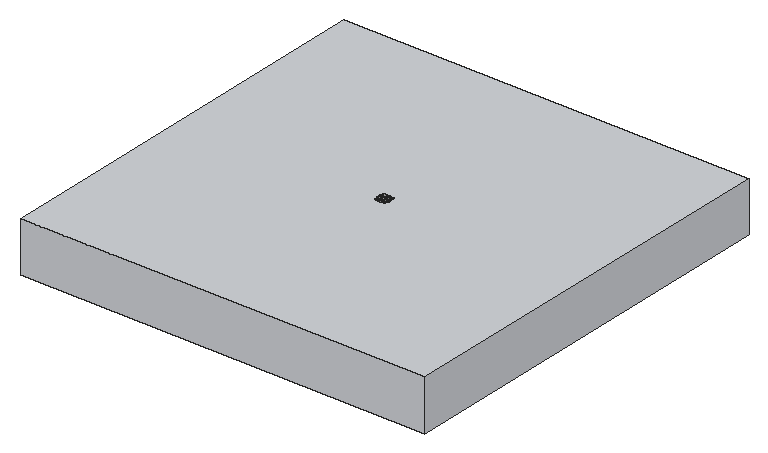
Revit family "2CKA000230A0411", category Elektroinstallationen, Revit 2017
Family settings
  Basisbauteil = Fläche
  Beschriftungsausrichtung beibehalten = Nein
  Bemaßung runder Anschluss = Durchmesser verwenden
  Teiletyp = Normal
  Beim Laden mit Abzugskörper schneiden = Nein
  Gemeinsam genutzt = Nein
  Raumberechnungspunkt = Nein
Parameters
  White = White
  Default Elevation = 1219.2 mm
  Unterputz = yes
  URL = "https://www.busch-jaeger.de/"
  Typname = "UAE-Anschlussdose, RJ45, Cat. 6a iso, geschirmt, UP-Montagedosen und -Einsätze, Einsätze für Datenkommunikation"
  TYPE = "0218/12-101"
  Steckverbindertyp = "RJ45 8(8)"
  Separater Erdungsanschluss = yes
  Separate Kabelzugentlastung = yes
  Schutzart (IP) = "IP20"
  RAL-Nummer (ähnlich) = 9010
  Montageart Schirmanschluss = "Schraube"
  Kategorie = "6A (IEC)"
  Kanaleinbau = yes
  Ist Zubehör = no
  Ist System = no
  Hersteller = "Busch-Jaeger"
  HeinzeBIM = "https://www.heinze.de/bim/uae-anschlussdose-rj45-cat-6a-iso-geschirmt-up-montagedosen-und-einsaetze-einsaetze-fuer-datenkommunikation/41f529de7edb1520624726aed988ee83d9b20691"
  HAN = "2CKA000230A0411"
  Gehäuse geschirmt = yes
  Geeignet für Anzahl Buchsen/Kupplungen = 2
  GTIN = "4011395163870"
  Farbe = "weiß"
  Designfähig = yes
  Datenblatt 3 = "https://media.live.bim.site/t/eyJhbGciOiJIUzI1NiIsInR5cCI6IkpXVCJ9.eyJjdCI6MSwidGYiOiJwdWJsaWMvYnVzY2gtamFlZ2VyLzVkMjZhNGYvMkNLQTAwMDIzMEEwNDExX1JPSFNfMjAxOV8xMF8wNy5wZGYiLCJjaWQiOiJmZWQ5OGU5YS0xYmQ4LTRjNjgtYTczYi03NGE5NGUzMTU4MjMiLCJyaWQiOiJiNWI5ZTQ5NDQ5YzIzY2ZiMWViMTM1Yzg0NjI5YTc4NyIsInBpZCI6IjQxZjUyOWRlN2VkYjE1MjA2MjQ3MjZhZWQ5ODhlZTgzZDliMjA2OTEiLCJzaWQiOiI2MzczMiIsInV0IjoxLCJsYyI6ImRlIiwiaWF0IjoxNTg0MDEwMDg1LCJpc3MiOiJodHRwczovL2FwaS5saXZlLmJpbS5zaXRlIiwic3ViIjoiZjU4NmM0YjYtYTUwOC00MjdhLTk4MTgtMTMxNzk2NjU3NmJjIn0.-wiBlOaNGDS6Q8ZgnHjx-AEpVIE4B5gqy1F21kAGnZA/2CKA000230A0411_ROHS_2019_10_07.pdf"
  Datenblatt 2 = "https://media.live.bim.site/t/eyJhbGciOiJIUzI1NiIsInR5cCI6IkpXVCJ9.eyJjdCI6MSwidGYiOiJwdWJsaWMvYnVzY2gtamFlZ2VyLzVkMjZhNGYvMDI2MS0xNy0xOF9VQUUtQW5zY2hsdXNzZG9zZV9CQSBCSkVfRGluQTQtT25saW5lX2dlci5wZGYiLCJjaWQiOiJmZWQ5OGU5YS0xYmQ4LTRjNjgtYTczYi03NGE5NGUzMTU4MjMiLCJyaWQiOiJiNWI5ZTQ5NDQ5YzIzY2ZiMWViMTM1Yzg0NjI5YTc4NyIsInBpZCI6IjQxZjUyOWRlN2VkYjE1MjA2MjQ3MjZhZWQ5ODhlZTgzZDliMjA2OTEiLCJzaWQiOiI2MzczMiIsInV0IjoxLCJsYyI6ImRlIiwiaWF0IjoxNTg0MDEwMDg1LCJpc3MiOiJodHRwczovL2FwaS5saXZlLmJpbS5zaXRlIiwic3ViIjoiZjU4NmM0YjYtYTUwOC00MjdhLTk4MTgtMTMxNzk2NjU3NmJjIn0.vFFB7a983RtkyGZuVR7Hh1_RJDx2RV0gQiliQ3MAy7s/0261-17-18_UAE-Anschlussdose_BA BJE_DinA4-Online_ger.pdf"
  Datenblatt 1 = "https://media.live.bim.site/t/eyJhbGciOiJIUzI1NiIsInR5cCI6IkpXVCJ9.eyJjdCI6MSwidGYiOiJwdWJsaWMvYnVzY2gtamFlZ2VyLzVkMjZhNGYvMDI2MS0xNy0xOF9VQUUtQW5zY2hsdXNzZG9zZV9CQSBCSkVfRGluQTQtT25saW5lX2VuZy5wZGYiLCJjaWQiOiJmZWQ5OGU5YS0xYmQ4LTRjNjgtYTczYi03NGE5NGUzMTU4MjMiLCJyaWQiOiJiNWI5ZTQ5NDQ5YzIzY2ZiMWViMTM1Yzg0NjI5YTc4NyIsInBpZCI6IjQxZjUyOWRlN2VkYjE1MjA2MjQ3MjZhZWQ5ODhlZTgzZDliMjA2OTEiLCJzaWQiOiI2MzczMiIsInV0IjoxLCJsYyI6ImRlIiwiaWF0IjoxNTg0MDEwMDg1LCJpc3MiOiJodHRwczovL2FwaS5saXZlLmJpbS5zaXRlIiwic3ViIjoiZjU4NmM0YjYtYTUwOC00MjdhLTk4MTgtMTMxNzk2NjU3NmJjIn0.XQWzUedXNVBFGaOq_DwtLdZbvaMYaRHe8Ph1Wxm4m5Q/0261-17-18_UAE-Anschlussdose_BA BJE_DinA4-Online_eng.pdf"
  Datenblatt = "https://media.live.bim.site/t/eyJhbGciOiJIUzI1NiIsInR5cCI6IkpXVCJ9.eyJjdCI6MSwidGYiOiJwdWJsaWMvYnVzY2gtamFlZ2VyLzVkMjZhNGYvMDI2MS0xNy0xOF9VQUUtQW5zY2hsdXNzZG9zZV9CQSBCSkVfRGluQTQtT25saW5lX2R1dC5wZGYiLCJjaWQiOiJmZWQ5OGU5YS0xYmQ4LTRjNjgtYTczYi03NGE5NGUzMTU4MjMiLCJyaWQiOiJiNWI5ZTQ5NDQ5YzIzY2ZiMWViMTM1Yzg0NjI5YTc4NyIsInBpZCI6IjQxZjUyOWRlN2VkYjE1MjA2MjQ3MjZhZWQ5ODhlZTgzZDliMjA2OTEiLCJzaWQiOiI2MzczMiIsInV0IjoxLCJsYyI6ImRlIiwiaWF0IjoxNTg0MDEwMDg1LCJpc3MiOiJodHRwczovL2FwaS5saXZlLmJpbS5zaXRlIiwic3ViIjoiZjU4NmM0YjYtYTUwOC00MjdhLTk4MTgtMTMxNzk2NjU3NmJjIn0.OTlYJZPtMnzAnWn8KKdr5vr5PAwj6bVKXRrO29JJJNc/0261-17-18_UAE-Anschlussdose_BA BJE_DinA4-Online_dut.pdf"
  Buchsen geschirmt = yes
  Bodentank/Unterflurmontage = yes
  Beschreibung = "UAE-Anschlussdose, RJ45, Cat. 6a iso, geschirmt, UP-Montagedosen und -Einsätze, Einsätze für Datenkommunikation, UAE-Anschlussdose, RJ45, Cat. 6a iso, geschirmt 2 Steckbuchsen, 8/8-polig Mit Schrägauslass und LSA-Schneidklemmen. RJ-45-Anschlüsse für Netzwerke nach Cat. 6A, Class EA (10 Gbit/s / 500 MHz). Entspricht Cat. 6A, Class EA gem. ISO/IEC 11801:2011-06. Anschlusskennzeichnung A und B gemäß TIA/EIA-568-B.2. Bauart nach EN 60 603-7-51:2011-01. Abschirmung nach DIN EN 55022, Klasse B. Bis 500 MHz auf allen Aderpaaren. Geeignet für 10-Gigabit Ethernet. Geeignet für PoE+ gemäß IEEE 802.3at, ? 1000 Steckzyklen. Flexible Kabelzuführung ohne Knicke von allen Seiten. Gehäuse-Erdung mittels 6,3 mm-Flachsteckverbinder rückseitig möglich. Re-embedded getestet. Geeiget für Mix-and-Match-Einsatz. Geeignet für RJ 11, RJ 12 und RJ 45 Stecker. Für Datenkabel mit einem Durchmesser von 6-10 mm. Für Montage in Kabelkanälen, UP-Gerätedosen und Unterflursystemen. Für Adern von AWG 24-22. Ohne Spreize. Einbautiefe 31 mm."
  Befestigungsart = "schrauben"
  BIMSITE_PRODUCT_ID = "41f529de7edb1520624726aed988ee83d9b20691"
  BIM = "https://media.live.bim.site/t/eyJhbGciOiJIUzI1NiIsInR5cCI6IkpXVCJ9.eyJjdCI6MSwidGYiOiJwdWJsaWMvYnVzY2gtamFlZ2VyLzVkMjZhNGYvMkNLQTAwMDIzMEEwNDExX251cl9HZW9tZXRyaWUucmZhIiwiY2lkIjoiZmVkOThlOWEtMWJkOC00YzY4LWE3M2ItNzRhOTRlMzE1ODIzIiwicmlkIjoiYjViOWU0OTQ0OWMyM2NmYjFlYjEzNWM4NDYyOWE3ODciLCJwaWQiOiI0MWY1MjlkZTdlZGIxNTIwNjI0NzI2YWVkOTg4ZWU4M2Q5YjIwNjkxIiwic2lkIjoiNjM3MzIiLCJ1dCI6NSwibGMiOiJkZSIsImlhdCI6MTU4NDAxMDA4NSwiaXNzIjoiaHR0cHM6Ly9hcGkubGl2ZS5iaW0uc2l0ZSIsInN1YiI6ImY1ODZjNGI2LWE1MDgtNDI3YS05ODE4LTEzMTc5NjY1NzZiYyJ9.cp7Z1JTAXBiShT6Nvk3Vr8CA5xdtzGdg2nZVOgUJ5ZA/2CKA000230A0411_nur_Geometrie.rfa"
  Aufputz = yes
  Anschlussart = "LSA"
Reference planes
  plane 1 "Center (Front/Back)": y = 0
  plane 2: z = 0
  plane 3 "Center (Left/Right)": x = 0
Forms (mm)
  Extrusion 1, solid
    sketch origin (0, 0, 0) x (1, 0, 0) y (0, 1, 0)
      loop
        line (-1219.2, 1219.2) -> (-1219.2, -1219.2) -> (1219.2, -1219.2) -> (1219.2, 1219.2) -> (-1219.2, 1219.2)
    from 0 to -304.8
  Extrusion 2, solid, material "White" <- "White", detail levels fine
    sketch origin (0, 0, 0) x (1, 0, 0) y (0, 1, 0)
      loop
        line (-13.85, 34.1) -> (-17.486, 24.133) -> (-24.677, 31.323)
        arc (-24.677, 31.323) -> (-27.01, 32.29) -> (-29.344, 31.323) r 3.3
        line (-29.344, 31.323) -> (-31.323, 29.344)
        arc (-31.323, 29.344) -> (-32.29, 27.01) -> (-31.323, 24.677) r 3.3
        line (-31.323, 24.677) -> (-24.136, 17.489) -> (-34.132, 13.851)
        arc (-34.132, 13.851) -> (-34.834, 13.56) -> (-35.125, 12.858) r 0.993
        line (-35.125, 12.858) -> (-35.125, -12.858)
        arc (-35.125, -12.858) -> (-34.834, -13.56) -> (-34.132, -13.851) r 0.993
        line (-34.132, -13.851) -> (-24.136, -17.489) -> (-31.323, -24.677)
        arc (-31.323, -24.677) -> (-32.29, -27.01) -> (-31.323, -29.344) r 3.3
        line (-31.323, -29.344) -> (-29.344, -31.323)
        arc (-29.344, -31.323) -> (-27.01, -32.29) -> (-24.677, -31.323) r 3.3
        line (-24.677, -31.323) -> (-17.486, -24.133) -> (-13.85, -34.1)
        arc (-13.85, -34.1) -> (-13.557, -34.807) -> (-12.85, -35.1) r 1
        line (-12.85, -35.1) -> (12.85, -35.1)
        arc (12.85, -35.1) -> (13.557, -34.807) -> (13.85, -34.1) r 1
        line (13.85, -34.1) -> (17.486, -24.133) -> (24.677, -31.323)
        arc (24.677, -31.323) -> (27.01, -32.29) -> (29.344, -31.323) r 3.3
        line (29.344, -31.323) -> (31.323, -29.344)
        arc (31.323, -29.344) -> (32.29, -27.01) -> (31.323, -24.677) r 3.3
        line (31.323, -24.677) -> (24.136, -17.489) -> (34.132, -13.851)
        arc (34.132, -13.851) -> (34.834, -13.56) -> (35.125, -12.858) r 0.993
        line (35.125, -12.858) -> (35.125, 12.858)
        arc (35.125, 12.858) -> (34.834, 13.56) -> (34.132, 13.851) r 0.993
        line (34.132, 13.851) -> (24.145, 17.486) -> (31.323, 24.677)
        arc (31.323, 24.677) -> (32.29, 27.01) -> (31.323, 29.344) r 3.3
        line (31.323, 29.344) -> (29.344, 31.323)
        arc (29.344, 31.323) -> (27.01, 32.29) -> (24.677, 31.323) r 3.3
        line (24.677, 31.323) -> (17.486, 24.133) -> (13.85, 34.1)
        arc (13.85, 34.1) -> (13.557, 34.807) -> (12.85, 35.1) r 1
        line (12.85, 35.1) -> (-12.85, 35.1)
        arc (-12.85, 35.1) -> (-13.557, 34.807) -> (-13.85, 34.1) r 1
      loop
        arc (28.141, 30.121) -> (25.879, 30.121) -> (25.879, 27.859) r 1.6
        line (25.879, 27.859) -> (27.859, 25.879)
        arc (27.859, 25.879) -> (30.121, 25.879) -> (30.121, 28.141) r 1.6
        line (30.121, 28.141) -> (28.141, 30.121)
      loop
        arc (25.879, -27.859) -> (25.879, -30.121) -> (28.141, -30.121) r 1.6
        line (28.141, -30.121) -> (30.121, -28.141)
        arc (30.121, -28.141) -> (30.121, -25.879) -> (27.859, -25.879) r 1.6
        line (27.859, -25.879) -> (25.879, -27.859)
      loop
        arc (-27.859, -25.879) -> (-30.121, -25.879) -> (-30.121, -28.141) r 1.6
        line (-30.121, -28.141) -> (-28.141, -30.121)
        arc (-28.141, -30.121) -> (-25.879, -30.121) -> (-25.879, -27.859) r 1.6
        line (-25.879, -27.859) -> (-27.859, -25.879)
      loop
        line (-28.141, 30.121) -> (-30.121, 28.141)
        arc (-30.121, 28.141) -> (-30.121, 25.879) -> (-27.859, 25.879) r 1.6
        line (-27.859, 25.879) -> (-25.879, 27.859)
        arc (-25.879, 27.859) -> (-25.879, 30.121) -> (-28.141, 30.121) r 1.6
      loop
        arc (-31.331, -5.296) -> (-29.285, -6.75) -> (-27.83, -4.704) r 1.775
        arc (-27.83, -4.704) -> (-28.22, -0.521) -> (-27.985, 3.673) r 28.225
        arc (-27.985, 3.673) -> (-28.743, 9.564) -> (-31.483, 4.295) r 3.112
        arc (-31.483, 4.295) -> (-31.771, -0.506) -> (-31.331, -5.296) r 31.775
      loop
        arc (27.985, -3.673) -> (28.743, -9.564) -> (31.483, -4.295) r 3.112
        arc (31.483, -4.295) -> (31.771, 0.506) -> (31.331, 5.296) r 31.775
        arc (31.331, 5.296) -> (29.285, 6.75) -> (27.83, 4.704) r 1.775
        arc (27.83, 4.704) -> (28.22, 0.521) -> (27.985, -3.673) r 28.225
      loop
        arc (-5.296, 31.331) -> (-6.75, 29.285) -> (-4.704, 27.83) r 1.775
        arc (-4.704, 27.83) -> (-0.514, 28.22) -> (3.688, 27.983) r 28.225
        arc (3.688, 27.983) -> (9.552, 28.745) -> (4.31, 31.481) r 3.1
        arc (4.31, 31.481) -> (-0.499, 31.771) -> (-5.296, 31.331) r 31.775
      loop
        arc (-3.688, -27.983) -> (-9.552, -28.745) -> (-4.31, -31.481) r 3.1
        arc (-4.31, -31.481) -> (0.499, -31.771) -> (5.296, -31.331) r 31.775
        arc (5.296, -31.331) -> (6.75, -29.285) -> (4.704, -27.83) r 1.775
        arc (4.704, -27.83) -> (0.514, -28.22) -> (-3.688, -27.983) r 28.225
      loop
        line (-16, 11.298) -> (-16, -18.965) -> (16, -18.965) -> (16, 11.298) -> (-16, 11.298)
    from 0 to 1
  Extrusion 3, solid, material "White" <- "White", detail levels fine
    sketch origin (0, 0, 0) x (1, 0, 0) y (0, 1, 0)
      loop
        line (-23.7, 18.06) -> (-23.7, -18.06) -> (-17.276, -23.743) -> (-11.206, -24.705) -> (11.206, -24.705) -> (17.276, -23.743) -> (23.7, -18.06) -> (23.7, 18.06) -> (17.276, 23.743) -> (11.206, 24.705) -> (-11.206, 24.705) -> (-17.276, 23.743) -> (-23.7, 18.06)
    from -17.5 to -22.75
  SweptBlend 4, solid, material "White" <- "White", detail levels fine
    path origin (0, 0, 0) x (1, 0, 0) y (0, 0, 1)
      loop
        line (0, -22.75) -> (0, -32.08)
    profile origin (0, 0, -22.75) x (0, -1, 0) y (1, 0, 0)
      loop
        circle (0, 0) r 17.689
    end profile origin (0, 0, -32.08) x (0, -1, 0) y (1, 0, 0)
      loop
        circle (0, 0) r 13.512
  Extrusion 5, solid, material "White" <- "White", detail levels fine
    sketch origin (0, 0, 0) x (0, 1, 0) y (0, 0, 1)
      loop
        line (11.298, -17.5) -> (11.298, 6.9) -> (2.885, 6.9) -> (-8.181, -2.386) -> (-8.181, -6.8) -> (-9.619, -6.8) -> (-9.652, -5.16) -> (-13.965, 1) -> (-18.965, 1) -> (-18.965, -17.5) -> (11.298, -17.5)
    from -16 to 16
  Extrusion 6, solid, material "White" <- "White", detail levels fine
    sketch origin (0, 0, 0) x (1, 0, 0) y (0, 1, 0)
      loop
        line (-23.7, 18.06) -> (-23.7, -18.06) -> (-17.276, -23.743) -> (-11.206, -24.705) -> (11.206, -24.705) -> (17.276, -23.743) -> (23.7, -18.06) -> (23.7, 18.06) -> (17.276, 23.743) -> (11.206, 24.705) -> (-11.206, 24.705) -> (-17.276, 23.743) -> (-23.7, 18.06)
      loop
        line (-16, 11.298) -> (-16, -18.965) -> (16, -18.965) -> (16, 11.298) -> (-16, 11.298)
    from 0 to -22.75
  Extrusion 7, void
    sketch origin (0, 2.885, 6.9) x (0, -0.766044, -0.642788) y (1, 0, 0)
      loop
        line (13.446, -14.3) -> (13.446, -1.3) -> (3, -1.3) -> (3, -4.3) -> (2, -4.3) -> (2, -5.3) -> (1, -5.3) -> (1, -10.3) -> (2, -10.3) -> (2, -11.3) -> (3, -11.3) -> (3, -14.3) -> (13.446, -14.3)
    from -5 to 1
  Extrusion 8, void
    sketch origin (0, 2.885, 6.9) x (0, -0.766044, -0.642788) y (1, 0, 0)
      loop
        line (13.446, 14.3) -> (3, 14.3) -> (3, 11.3) -> (2, 11.3) -> (2, 10.3) -> (1, 10.3) -> (1, 5.3) -> (2, 5.3) -> (2, 4.3) -> (3, 4.3) -> (3, 1.3) -> (13.446, 1.3) -> (13.446, 14.3)
    from -5 to 1
  Extrusion 9, solid, material "White" <- "White", detail levels medium
    sketch origin (0, 0, 0) x (1, 0, 0) y (0, 1, 0)
      loop
        line (25.567, 35.1) -> (-25.567, 35.1) -> (-35.125, 25.542) -> (-35.125, -25.542) -> (-25.567, -35.1) -> (25.567, -35.1) -> (35.125, -25.542) -> (35.125, 25.542) -> (25.567, 35.1)
      loop
        line (-16, 11.298) -> (-16, -18.965) -> (16, -18.965) -> (16, 11.298) -> (-16, 11.298)
    from 0 to 1
  Extrusion 10, solid, material "White" <- "White", detail levels medium
    sketch origin (0, 0, 0) x (0, 1, 0) y (0, 0, 1)
      loop
        line (11.298, -17.5) -> (11.298, 6.9) -> (2.885, 6.9) -> (-8.181, -2.386) -> (-8.181, -6.8) -> (-9.619, -6.8) -> (-9.652, -5.16) -> (-13.965, 1) -> (-18.965, 1) -> (-18.965, -17.5) -> (11.298, -17.5)
    from -16 to 16
  Extrusion 11, solid, material "White" <- "White", detail levels medium
    sketch origin (0, 0, 0) x (1, 0, 0) y (0, 1, 0)
      loop
        line (23.7, 24.705) -> (-23.7, 24.705) -> (-23.7, -24.705) -> (23.7, -24.705) -> (23.7, 24.705)
    from -32.08 to -17.5
  Extrusion 12, solid, material "White" <- "White", detail levels medium
    sketch origin (0, 0, 0) x (1, 0, 0) y (0, 1, 0)
      loop
        line (23.7, 24.705) -> (-23.7, 24.705) -> (-23.7, -24.705) -> (23.7, -24.705) -> (23.7, 24.705)
      loop
        line (-16, 11.298) -> (-16, -18.965) -> (16, -18.965) -> (16, 11.298) -> (-16, 11.298)
    from 0 to -17.5
  Extrusion 13, solid, material "White" <- "White", detail levels coarse
    sketch origin (0, 0, 0) x (1, 0, 0) y (0, 1, 0)
      loop
        line (35.125, 35.1) -> (-35.125, 35.1) -> (-35.125, -35.1) -> (35.125, -35.1) -> (35.125, 35.1)
    from -32.08 to 6.9
Cuts and joins
  Extrusion 7, Extrusion 8 cuts Extrusion 5
  joined: Extrusion 2, Extrusion 3, SweptBlend 4, Extrusion 5
  joined: Extrusion 9, Extrusion 11, Extrusion 12
Dimensions and locks
  aligned and locked: plane 2 to Extrusion 1
  aligned and locked: level to Extrusion 1
Connectors
  electrical at (0, 0, -32.08)
    settings: on Extrusion 13, index 1, voltage 0 V, apparent load 0 VA, apparent load phase1 0 VA, apparent load phase2 0 VA, apparent load phase3 0 VA, power factor 1, load classification "Other", number of poles 1, system type 14, power factor state 1, is connector primary yes, connector utility no, sub classification motor no, connector description ""
